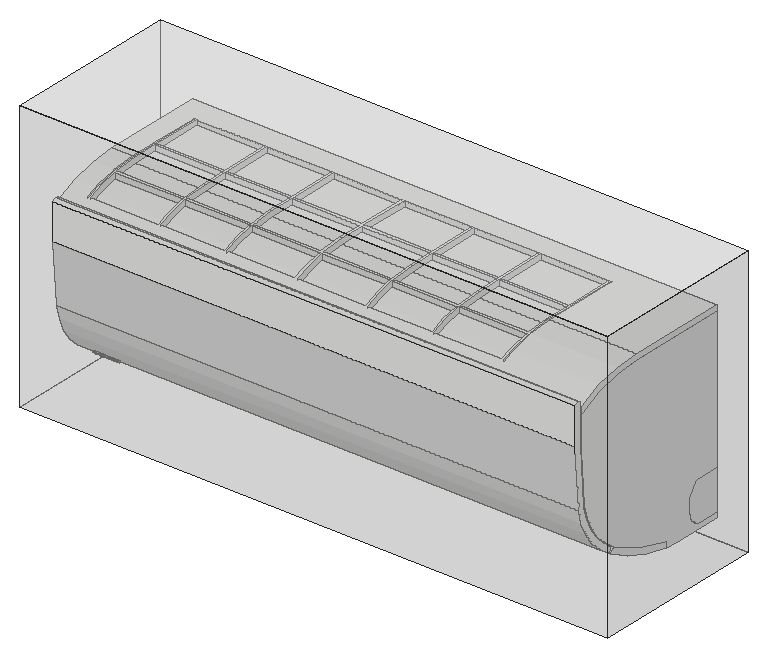
Revit family "outputfile", category 機械設備, Revit 2024
Family settings
  丸型コネクタ寸法 = 半径を使用
  パーツ タイプ = 標準
  OmniClass 番号 = 23.75.10.24.21.27.27
  OmniClass タイトル = Split System Air Conditioning Units
  作業面ベース = いいえ
  常に垂直 = はい
  ロード時にボイドで切り取り = いいえ
  注釈の向きを維持 = いいえ
  共有 = いいえ
  部屋計算ポイント = いいえ
Parameters (values of type "FXAQ25AVM4")
  Description = ""
  製造元 = "Daikin"
  書き出し IFC クラス(タイプ) = "IfcUnitaryEquipmentType"
  定義済み IFC タイプ(タイプ) = "AIRCONDITIONINGUNIT"
  Cost = 0
  モデル = "FXAQ25AVM4"
  Type Comments = ""
  Keynote = ""
  Type Image = (empty or 0)
  Assembly Code = ""
  w3_Indoor air flow = if(Width = 1050.0 mm, 109.0 mm, 1.0 mm)  # 1.0 mm
  w2_Indoor air flow = if(Width = 1050.0 mm, 103.0 mm, 98.0 mm)  # 98.0 mm
  w1_Indoor air flow = if(Width = 1050.0 mm, 108.0 mm, 103.0 mm)  # 103.0 mm
  r_Liquid Pipe Size = Liquid Pipe Size / 2  # 3.2 mm
  r_Gas Pipe Size = Gas Pipe Size / 2  # 6.35 mm
  r_Drain Pipe Size = Drain Pipe Size / 2  # 7.5 mm
  lw_powersupply [instance] = if(Width = 795.0 mm, if(or(Rear Right Connection_refrigerant, Bottom Right Connection_refrigerant), 83.0 mm, if(or(Rear Left Connection_refrigerant, Bottom Left Connection_refrigerant), 740.0 mm, 400.0 mm)), if(Width = 1050.0 mm, if(or(Rear Right Connection_refrigerant, Bottom Right Connection_refrigerant), 83.0 mm, if(or(Rear Left Connection_refrigerant, Bottom Left Connection_refrigerant), 712.0 mm + (1050.0 mm - 795.0 mm), 400.0 mm)), if(or(Rear Right Connection_refrigerant, Bottom Right Connection_refrigerant), 83.0 mm, if(or(Rear Left Connection_refrigerant, Bottom Left Connection_refrigerant), 712.0 mm, 400.0 mm))))  # 400.0 mm
  lw_liquidpipe [instance] = if(Width = 795.0 mm, if(or(Rear Right Connection_refrigerant, Bottom Right Connection_refrigerant), 0.0 mm, if(or(Rear Left Connection_refrigerant, Bottom Left Connection_refrigerant), 627.0 mm, 460.0 mm)), if(Width = 1050.0 mm, if(or(Rear Right Connection_refrigerant, Bottom Right Connection_refrigerant), 0.0 mm, if(or(Rear Left Connection_refrigerant, Bottom Left Connection_refrigerant), 627.0 mm + (1050.0 mm - 795.0 mm), 460.0 mm)), if(or(Rear Right Connection_refrigerant, Bottom Right Connection_refrigerant), 0.0 mm, if(or(Rear Left Connection_refrigerant, Bottom Left Connection_refrigerant), 627.0 mm, 460.0 mm))))  # 460.0 mm
  lw_gaspipe [instance] = if(Width = 795.0 mm, if(or(Rear Right Connection_refrigerant, Bottom Right Connection_refrigerant), 0.0 mm, if(or(Rear Left Connection_refrigerant, Bottom Left Connection_refrigerant), 620.0 mm, 415.0 mm)), if(Width = 1050.0 mm, if(or(Rear Right Connection_refrigerant, Bottom Right Connection_refrigerant), 0.0 mm, if(or(Rear Left Connection_refrigerant, Bottom Left Connection_refrigerant), 620.0 mm + (1050.0 mm - 795.0 mm), 415.0 mm)), if(or(Rear Right Connection_refrigerant, Bottom Right Connection_refrigerant), 0.0 mm, if(or(Rear Left Connection_refrigerant, Bottom Left Connection_refrigerant), 620.0 mm, 415.0 mm))))  # 415.0 mm
  lw_drainpipe [instance] = if(Width = 795.0 mm, if(or(Rear Right Connection_refrigerant, Bottom Right Connection_refrigerant), 0.0 mm, if(or(Rear Left Connection_refrigerant, Bottom Left Connection_refrigerant), 655.0 mm, 475.0 mm)), if(Width = 1050.0 mm, if(or(Rear Right Connection_refrigerant, Bottom Right Connection_refrigerant), 0.0 mm, if(or(Rear Left Connection_refrigerant, Bottom Left Connection_refrigerant), 655.0 mm + (1050.0 mm - 795.0 mm), 475.0 mm)), if(or(Rear Right Connection_refrigerant, Bottom Right Connection_refrigerant), 0.0 mm, if(or(Rear Left Connection_refrigerant, Bottom Left Connection_refrigerant), 655.0 mm, 475.0 mm))))  # 475.0 mm
  l_powersupply_length [instance] = if(Width = 795.0 mm, if(Right Connection_refrigerant, 400.0 mm, if(Left Connection_refrigerant, 395.0 mm, if(or(Rear Left Connection_refrigerant, Rear Right Connection_refrigerant), 15.0 mm, 50.0 mm))), if(Width = 1050.0 mm, if(Right Connection_refrigerant, 400.0 mm, if(Left Connection_refrigerant, 395.0 mm + (1050.0 mm - 795.0 mm), if(or(Rear Left Connection_refrigerant, Rear Right Connection_refrigerant), 15.0 mm, 50.0 mm))), if(Right Connection_refrigerant, 400.0 mm, if(Left Connection_refrigerant, 395.0 mm, if(or(Rear Left Connection_refrigerant, Rear Right Connection_refrigerant), 15.0 mm, 50.0 mm)))))  # 400.0 mm
  l_liquidpipe_length [instance] = if(Width = 795.0 mm, if(Right Connection_refrigerant, 558.0 mm, if(Left Connection_refrigerant, 237.0 mm, if(or(Rear Left Connection_refrigerant, Rear Right Connection_refrigerant), 30.0 mm, 40.0 mm))), if(Width = 1050.0 mm, if(Right Connection_refrigerant, 558.0 mm, if(Left Connection_refrigerant, 237.0 mm + (1050.0 mm - 795.0 mm), if(or(Rear Left Connection_refrigerant, Rear Right Connection_refrigerant), 30.0 mm, 40.0 mm))), if(Right Connection_refrigerant, 558.0 mm, if(Left Connection_refrigerant, 237.0 mm, if(or(Rear Left Connection_refrigerant, Rear Right Connection_refrigerant), 30.0 mm, 40.0 mm)))))  # 558.0 mm
  l_gaspipe_length [instance] = if(Width = 795.0 mm, if(Right Connection_refrigerant, 513.0 mm, if(Left Connection_refrigerant, 282.0 mm, if(or(Rear Left Connection_refrigerant, Rear Right Connection_refrigerant), 40.0 mm, 50.0 mm))), if(Width = 1050.0 mm, if(Right Connection_refrigerant, 513.0 mm, if(Left Connection_refrigerant, 282.0 mm + (1050.0 mm - 795.0 mm), if(or(Rear Left Connection_refrigerant, Rear Right Connection_refrigerant), 40.0 mm, 50.0 mm))), if(Right Connection_refrigerant, 513.0 mm, if(Left Connection_refrigerant, 282.0 mm, if(or(Rear Left Connection_refrigerant, Rear Right Connection_refrigerant), 40.0 mm, 50.0 mm)))))  # 513.0 mm
  l_drainpipe_length [instance] = if(Width = 795.0 mm, if(Right Connection_refrigerant, 573.0 mm, if(Left Connection_refrigerant, 222.0 mm, if(or(Rear Left Connection_refrigerant, Rear Right Connection_refrigerant), 15.0 mm, 20.0 mm))), if(Width = 1050.0 mm, if(Right Connection_refrigerant, 573.0 mm, if(Left Connection_refrigerant, 222.0 mm + (1050.0 mm - 795.0 mm), if(or(Rear Left Connection_refrigerant, Rear Right Connection_refrigerant), 15.0 mm, 20.0 mm))), if(Right Connection_refrigerant, 573.0 mm, if(Left Connection_refrigerant, 477.0 mm, if(or(Rear Left Connection_refrigerant, Rear Right Connection_refrigerant), 15.0 mm, 20.0 mm)))))  # 573.0 mm
  h*** = 0.0 mm  # constant formula
  d1_Indoor air flow = if(Width = 1050.0 mm, 38.0 mm, 35.0 mm)  # 35.0 mm
  angle_vertical [instance] = if(or(Bottom Left Connection_refrigerant, Bottom Right Connection_refrigerant), 0.00°, 90.00°)  # 90.00°
  angle_horizontal [instance] = if(Right Connection_refrigerant, 90.00°, if(Left Connection_refrigerant, -90.00°, if(or(Rear Left Connection_refrigerant, Rear Right Connection_refrigerant), 180.00°, 0.00°)))  # 90.00°
  Width = 795.0 mm
  Voltage_comment_50Hz = "220-240"
  Voltage_50Hz = 230 V
  Version = "ver.1.0"
  Unit Type = "Wall Mounted Type"
  Unit Mass Weight = 12.00 kg
  Unit Designation [instance] = ""
  Uniclass2015Version = "Products v1.30"
  Uniclass2015Title = "Variable refrigerant flow units"
  Uniclass2015Code = "Pr_70_65_03_94"
  URL = ""
  Total Heating Capacity [instance] = 0.000 kW
  Total Cooling Capacity [instance] = 0.000 kW
  Sound Pressure Level_M speed (dBA) = 0
  Sound Pressure Level_L speed (dBA) = 28.5
  Sound Pressure Level_H speed (dBA) = 35
  Sound Power Level_H speed (dB) = 0
  Series = "VRV Fan Coil Unit"
  Sensible Cooling Capacity [instance] = 0.000 kW
  Refrigerant Type = "R410A"
  Power Input (Heating) = 0.040 kW
  Power Input (Cooling) = 0.040 kW
  Phase_50Hz = 1
  Option Accessory 3 [instance] = ""
  Option Accessory 2 [instance] = ""
  Option Accessory 1 [instance] = ""
  Nominal Heating Capacity = 3.200 kW
  Nominal Cooling Capacity = 2.800 kW
  Minimum Circuit Amps_50Hz = 0.6 A
  Minimum Airflow = 420.00 m³/h
  Median Airflow = 0.00 m³/h
  Maximum Fuse Amps_50Hz = 15.0 A
  Maximum Airflow = 564.00 m³/h
  Material_Casing = DAIKIN_White_Casing_indoorunit
  Load Classification = HVAC
  Liquid Pipe Size = 6.4 mm
  Link_Nested Family [instance] = ""
  IfcVersion = "0"
  IfcExportType = "AIRCONDITIONINGUNIT"
  IfcExportAs = "IfcUnitaryEquipmentType"
  Height = 290.0 mm
  Heating Entering Wet Bulb Temperature [instance] = 0.00 °C
  Heating Entering Dry Bulb Temperature [instance] = 0.00 °C
  Heating Ambient Wet Bulb Temperature [instance] = 0.00 °C
  Heating Ambient Dry Bulb Temperature [instance] = 0.00 °C
  Heat Exchanger Type = "Cross Fin Coil"
  Gas Pipe Size = 12.7 mm
  Frequency_50Hz = 50 Hz
  Fan Type = "Cross Flow Fan"
  Fan Drive = "Direct Drive"
  FCU Tag No. [instance] = ""
  Drain Pipe Size = 15.0 mm
  Design Supply Airflow [instance] = 0.00 m³/h
  Depth = 266.0 mm
  既定の高さ = 0.0 mm
  Cooling Entering Wet Bulb Temperature [instance] = 0.00 °C
  Cooling Entering Dry Bulb Temperature [instance] = 0.00 °C
  Cooling Ambient Wet Bulb Temperature [instance] = 0.00 °C
  Cooling Ambient Dry Bulb Temperature [instance] = 0.00 °C
  Clearance visibility [instance] = yes
  Clearance Top = 90.0 mm
  Clearance Right = 50.0 mm
  Clearance Rear = 0.0 mm
  Clearance Left = 50.0 mm
  Clearance Front = 0.0 mm
  Clearance Bottom = 30.0 mm
  Bottom Right Connection_refrigerant [instance] = no
  Bottom Left Connection_refrigerant [instance] = no
  Rear Right Connection_refrigerant [instance] = no
  Rear Left Connection_refrigerant [instance] = no
  Right Connection_refrigerant [instance] = yes
  Left Connection_refrigerant [instance] = no
Reference planes
  plane 1 "Back": y = 0
  plane 2: z = 0
  plane 3 "Center (Left/Right)": x = 0
  plane 4 "Center (Front/Back)": y = -133
  plane 5 "Front": y = -266
  plane 6 "Left": x = -397.5
  plane 7 "Right": x = 397.5
  plane 8 "Top": z = 0
  plane 9 "Bottom": z = -290
  plane 10 "Front panel_Left": x = -395.5
  plane 11 "Front panel_Right": x = 395.5
  plane 12: x = 261.5
  plane 13: x = 256.5
  plane 14: x = -445.5
  plane 15: x = 445.5
  plane 16: y = 0
  plane 17: y = -266
  plane 18: z = 90
  plane 19: z = -320
  plane 20: y = -35
  plane 21: y = -111.5
  plane 22: y = -187.5
  plane 23: y = -237
  plane 24: y = -115
  plane 25: y = -191
  plane 26: x = -50
  plane 27: x = -52
  plane 28: x = -48
  plane 29: x = 55
  plane 30: x = -155
  plane 31: x = -158
  plane 32: x = 58
  plane 33: x = -256
  plane 34: x = 156
  plane 35: x = -259
  plane 36: x = 159
  plane 37: x = -362
  plane 38: x = 262
  plane 39: x = -365
  plane 40: x = 265
  plane 41: x = 266
  plane 42: x = -366
  plane 43 "lw_Piping and Wiring intake": x = 299.5
  plane 44 "lw_gaspipe": x = -115.5
  plane 45 "lw_liquidpipe": x = -160.5
  plane 46 "lw_drainpipe": x = -175.5
  plane 47 "lh_drainpipe": z = -270
  plane 48 "lh_liquidpipe": z = -250
  plane 49 "lh_gaspipe": z = -240
  plane 50 "ld_drainpipe": y = -15
  plane 51 "ld_liquidpipe": y = -30
  plane 52 "ld_gaspipe": y = -40
  plane 53 "lw_powersupply": x = -2.5
Forms (mm)
  Extrusion 1, solid, material "DAIKIN_White_Casing_indoorunit" <- "Material_Casing"
    sketch origin (0, 0, 0) x (0, 1, 0) y (0, 0, 1)
      loop
        line (0, 0) -> (-151.682, 0)
        arc (-151.682, 0) -> (-205.302, -6.828) -> (-255.5, -26.876) r 213.958
        line (-255.5, -26.876) -> (-255.5, -36.08)
        arc (-255.5, -36.08) -> (-205.456, -15.144) -> (-151.682, -8) r 205.958
        line (-151.682, -8) -> (0, -8) -> (0, 0)
    from -397.5 to 397.5
  Extrusion 2, solid, material "DAIKIN_White_Casing_indoorunit" <- "Material_Casing"
    sketch origin (0, 0, 0) x (0, 1, 0) y (0, 0, 1)
      loop
        arc (-151.682, -8) -> (-205.456, -15.144) -> (-255.5, -36.08) r 205.958
        line (-255.5, -36.08) -> (-255.5, -86.08)
        arc (-255.5, -86.08) -> (-253.87, -125.667) -> (-248.99, -164.986) r 481.435
        arc (-248.99, -164.986) -> (-230.945, -209.78) -> (-195.65, -242.741) r 111.486
        arc (-195.65, -242.741) -> (-147.09, -265.96) -> (-95.247, -280.433) r 310.126
        line (-95.247, -280.433) -> (-95.247, -288.232)
        arc (-95.247, -288.232) -> (-84.534, -289.557) -> (-73.748, -290) r 131.592
        line (-73.748, -290) -> (0, -290) -> (0, -8) -> (-151.682, -8)
    from -397.5 to 397.5
  Extrusion 3, solid, material "DAIKIN_White_Casing_indoorunit" <- "Material_Casing"
    sketch origin (397.5, 1296.25, 1200) x (0, 1, 0) y (0, 0, 1)
      loop
        line (-1491.901, -1442.741) -> (-1496.494, -1450.482)
        arc (-1496.494, -1450.482) -> (-1447.058, -1474.911) -> (-1393.497, -1488.023) r 252.452
        line (-1393.497, -1488.023) -> (-1393.497, -1480.051)
        arc (-1393.497, -1480.051) -> (-1444.293, -1465.6) -> (-1491.901, -1442.741) r 310.126
    from 0 to -40.5
  Extrusion 4, solid, material "DAIKIN_White_Casing_indoorunit" <- "Material_Casing"
    sketch origin (0, 0, 0) x (0, 1, 0) y (0, 0, 1)
      loop
        line (-257, -76.896) -> (-257, -19.457) -> (-258.688, -19.457)
        arc (-258.688, -19.457) -> (-262.551, -20.17) -> (-266, -22.048) r 12.48
        line (-266, -22.048) -> (-266, -76.896) -> (-257, -76.896)
    from -395.5 to 395.5
  Extrusion 5, solid, material "DAIKIN_White_Casing_indoorunit" <- "Material_Casing"
    sketch origin (0, 0, 0) x (0, 1, 0) y (0, 0, 1)
      loop
        arc (-266, -76.896) -> (-264.342, -121.828) -> (-259.378, -166.517) r 609.735
        line (-259.378, -166.517) -> (-250.471, -165.192)
        arc (-250.471, -165.192) -> (-255.366, -121.165) -> (-257, -76.896) r 600.314
        line (-257, -76.896) -> (-266, -76.896)
    from -395.5 to 395.5
  Extrusion 6, solid, material "DAIKIN_White_Casing_indoorunit" <- "Material_Casing"
    sketch origin (0, 0, 0) x (0, 1, 0) y (0, 0, 1)
      loop
        arc (-259.378, -166.517) -> (-240.331, -214.672) -> (-201.947, -249.433) r 114
        line (-201.947, -249.433) -> (-197.324, -241.643)
        arc (-197.324, -241.643) -> (-232.845, -209.638) -> (-250.471, -165.192) r 104.894
        line (-250.471, -165.192) -> (-259.378, -166.517)
    from -395.5 to 395.5
  Extrusion 7, solid, material "DAIKIN_White_Casing_indoorunit" <- "Material_Casing"
    sketch origin (-397.5, 1296.25, 1200) x (0, 1, 0) y (0, 0, 1)
      loop
        arc (-1496.494, -1450.482) -> (-1447.058, -1474.911) -> (-1393.497, -1488.023) r 252.452
        line (-1393.497, -1488.023) -> (-1393.497, -1480.051)
        arc (-1393.497, -1480.051) -> (-1444.293, -1465.6) -> (-1491.901, -1442.741) r 310.126
        line (-1491.901, -1442.741) -> (-1496.494, -1450.482)
    from 0 to 40.5
  Extrusion 8, solid, material "DAIKIN_White_Casing_indoorunit" <- "Material_Casing"
    sketch origin (0, 0, 0) x (0, 1, 0) y (0, 0, 1)
      loop
        arc (-133.049, -280.649) -> (-115.282, -284.985) -> (-97.247, -288.023) r 252.452
        line (-97.247, -288.023) -> (-97.247, -280.051)
        arc (-97.247, -280.051) -> (-113.907, -276.335) -> (-130.338, -271.708) r 310.126
        line (-130.338, -271.708) -> (-133.049, -280.649)
    from -357 to 357
  Extrusion 9, solid, material "DAIKIN_White_Casing_indoorunit" <- "Material_Casing"
    sketch origin (261.5, -1524, 1789.769) x (0, 0, 1) y (0, -1, 0)
      loop
        line (-2032.51, -1328.35) -> (-2040.251, -1323.756)
        arc (-2040.251, -1323.756) -> (-2050.358, -1341.058) -> (-2059.061, -1359.107) r 252.452
        line (-2059.061, -1359.107) -> (-2050.603, -1364.126)
        arc (-2050.603, -1364.126) -> (-2042.135, -1345.945) -> (-2032.51, -1328.35) r 310.126
    from 0 to 95.5
  Extrusion 10, solid, material "DAIKIN_White_Casing_indoorunit" <- "Material_Casing"
    sketch origin (261.5, -1524, 1789.769) x (0, 0, 1) y (0, -1, 0)
      loop
        arc (-2059.061, -1359.107) -> (-2065.273, -1374.839) -> (-2070.418, -1390.951) r 252.452
        line (-2070.418, -1390.951) -> (-2061.477, -1393.662)
        arc (-2061.477, -1393.662) -> (-2056.415, -1378.756) -> (-2050.603, -1364.126) r 310.126
        line (-2050.603, -1364.126) -> (-2059.061, -1359.107)
    from 0 to 95.5
  Extrusion 11, solid, material "DAIKIN_White_Casing_indoorunit" <- "Material_Casing"
    sketch origin (256.5, -1524, 1089.438) x (0, 0, 1) y (0, -1, 0)
      loop
        arc (-1350.272, -1364.126) -> (-1341.805, -1345.945) -> (-1332.179, -1328.35) r 310.126
        line (-1332.179, -1328.35) -> (-1339.92, -1323.756)
        arc (-1339.92, -1323.756) -> (-1350.027, -1341.058) -> (-1358.73, -1359.107) r 252.452
        line (-1358.73, -1359.107) -> (-1350.272, -1364.126)
    from 0 to -613.5
  Extrusion 12, solid, material "DAIKIN_White_Casing_indoorunit" <- "Material_Casing"
    sketch origin (256.5, -1524, 1089.438) x (0, 0, 1) y (0, -1, 0)
      loop
        arc (-1361.147, -1393.662) -> (-1356.085, -1378.756) -> (-1350.272, -1364.126) r 310.126
        line (-1350.272, -1364.126) -> (-1358.73, -1359.107)
        arc (-1358.73, -1359.107) -> (-1364.943, -1374.839) -> (-1370.087, -1390.951) r 252.452
        line (-1370.087, -1390.951) -> (-1361.147, -1393.662)
    from 0 to -613.5
  Extrusion 13, void
    sketch origin (0, 0, 0) x (-1, 0, 0) y (0, -1, 0)
      loop
        line (48, 35) -> (48, 111.5) -> (-55, 111.5) -> (-55, 35) -> (48, 35)
      loop
        line (-58, 35) -> (-58, 111.5) -> (-156, 111.5) -> (-156, 35) -> (-58, 35)
      loop
        line (-159, 35) -> (-159, 111.5) -> (-262, 111.5) -> (-262, 35) -> (-159, 35)
      loop
        line (-265, 35) -> (-265, 111.5) -> (-266, 111.5) -> (-266, 35) -> (-265, 35)
      loop
        line (155, 35) -> (155, 111.5) -> (52, 111.5) -> (52, 35) -> (155, 35)
      loop
        line (-265, 115) -> (-265, 187.5) -> (-266, 187.5) -> (-266, 115) -> (-265, 115)
      loop
        line (-265, 191) -> (-265, 237) -> (-266, 237) -> (-266, 191) -> (-265, 191)
      loop
        line (-159, 237) -> (-262, 237) -> (-262, 191) -> (-159, 191) -> (-159, 237)
      loop
        line (-58, 237) -> (-156, 237) -> (-156, 191) -> (-58, 191) -> (-58, 237)
      loop
        line (-55, 191) -> (48, 191) -> (48, 237) -> (-55, 237) -> (-55, 191)
      loop
        line (155, 237) -> (52, 237) -> (52, 191) -> (155, 191) -> (155, 237)
      loop
        line (256, 237) -> (158, 237) -> (158, 191) -> (256, 191) -> (256, 237)
      loop
        line (362, 237) -> (259, 237) -> (259, 191) -> (362, 191) -> (362, 237)
      loop
        line (158, 35) -> (256, 35) -> (256, 111.5) -> (158, 111.5) -> (158, 35)
      loop
        line (259, 35) -> (362, 35) -> (362, 111.5) -> (259, 111.5) -> (259, 35)
      loop
        line (362, 115) -> (362, 187.5) -> (259, 187.5) -> (259, 115) -> (362, 115)
      loop
        line (256, 115) -> (256, 187.5) -> (158, 187.5) -> (158, 115) -> (256, 115)
      loop
        line (155, 115) -> (155, 187.5) -> (52, 187.5) -> (52, 115) -> (155, 115)
      loop
        line (48, 115) -> (48, 187.5) -> (-55, 187.5) -> (-55, 115) -> (48, 115)
      loop
        line (-58, 115) -> (-58, 187.5) -> (-156, 187.5) -> (-156, 115) -> (-58, 115)
      loop
        line (-159, 115) -> (-159, 187.5) -> (-262, 187.5) -> (-262, 115) -> (-159, 115)
      loop
        line (365, 35) -> (366, 35) -> (366, 111.5) -> (365, 111.5) -> (365, 35)
      loop
        line (366, 115) -> (366, 187.5) -> (365, 187.5) -> (365, 115) -> (366, 115)
      loop
        line (366, 237) -> (365, 237) -> (365, 191) -> (366, 191) -> (366, 237)
    from 2 to -30
  Extrusion 14, solid, material "DAIKIN_White_Casing_indoorunit" <- "Material_Casing"
    sketch origin (0, 0, 0) x (1, 0, 0) y (0, 0, 1)
      loop
        circle (299.5, -246) r 40
      loop
        circle (-337.5, -246) r 40
    from 0 to 5
  Extrusion 15, solid, material "DAIKIN_White_Casing_indoorunit" <- "Material_Casing"
    sketch origin (397.5, 1296.25, 1200) x (0, -1, 0) y (0, 0, 1)
      loop
        line (1326.25, -1422) -> (1296.25, -1422) -> (1296.25, -1482) -> (1326.25, -1482)
        arc (1326.25, -1482) -> (1340.393, -1476.142) -> (1346.25, -1462) r 20
        line (1346.25, -1462) -> (1346.25, -1442)
        arc (1346.25, -1442) -> (1340.393, -1427.858) -> (1326.25, -1422) r 20
    from 0 to 5
  Extrusion 16, solid, material "DAIKIN_White_Casing_indoorunit" <- "Material_Casing"
    sketch origin (-397.5, 1296.25, 1200) x (0, 1, 0) y (0, 0, 1)
      loop
        line (-1296.25, -1422) -> (-1326.25, -1422)
        arc (-1326.25, -1422) -> (-1340.393, -1427.858) -> (-1346.25, -1442) r 20
        line (-1346.25, -1442) -> (-1346.25, -1462)
        arc (-1346.25, -1462) -> (-1340.393, -1476.142) -> (-1326.25, -1482) r 20
        line (-1326.25, -1482) -> (-1296.25, -1482) -> (-1296.25, -1422)
    from 0 to 5
  Extrusion 17, solid, material "DAIKIN_White_Casing_indoorunit" <- "Material_Casing"
    sketch origin (0, 0, -290) x (-1, 0, 0) y (0, -1, 0)
      loop
        line (-269.5, 0) -> (-269.5, 30)
        arc (-269.5, 30) -> (-275.358, 44.142) -> (-289.5, 50) r 20
        line (-289.5, 50) -> (-309.5, 50)
        arc (-309.5, 50) -> (-323.642, 44.142) -> (-329.5, 30) r 20
        line (-329.5, 30) -> (-329.5, 0) -> (-269.5, 0)
      loop
        line (367.5, 0) -> (367.5, 30)
        arc (367.5, 30) -> (361.642, 44.142) -> (347.5, 50) r 20
        line (347.5, 50) -> (327.5, 50)
        arc (327.5, 50) -> (313.358, 44.142) -> (307.5, 30) r 20
        line (307.5, 30) -> (307.5, 0) -> (367.5, 0)
    from 0 to 5
Cuts and joins
  joined: Extrusion 4, Extrusion 5, Extrusion 6
  joined: Extrusion 3, Extrusion 7, Extrusion 8
  Extrusion 13 cuts Extrusion 1
Lines and regions (mm)
  reference lines
    curve 1: line (-395.5, -227.394, -229.966) -> (-395.5, -220.117, -236.824)
Dimensions and locks
  equal spacing: plane 6 "Left", plane 3 "Center (Left/Right)", plane 7 "Right"
  "Width": plane 6 "Left" to plane 7 "Right"
  equal spacing: plane 5 "Front", plane 4 "Center (Front/Back)", plane 1 "Back"
  "Depth": plane 5 "Front" to plane 1 "Back"
  "Height": plane 8 "Top" to plane 9 "Bottom"
  locked: Extrusion 1 sketch curve to Extrusion 1 sketch curve at 8
  locked: Extrusion 2 sketch curve to plane 1 "Back" at 73.748
  locked: Extrusion 3 sketch curve to plane 1 "Back" at 97.247
  locked: Extrusion 4 sketch curve to Extrusion 4 sketch curve at 9
  locked: plane 8 "Top" to Extrusion 4 sketch curve at 19.457
  locked: plane 5 "Front" to Extrusion 6 sketch curve at 6.622
  locked: plane 5 "Front" to Extrusion 6 sketch curve at 15.529
  locked: plane 10 "Front panel_Left" to plane 6 "Left" at 2
  locked: plane 7 "Right" to plane 11 "Front panel_Right" at 2
  locked: cut or joined group of Extrusion 3, Extrusion 7, Extrusion 8 to Extrusion 9 sketch curve at 40
  locked: plane 7 "Right" to plane 12 at 136
  locked: plane 12 to plane 13 at 5
  "Clearance Left": plane 14 to plane 10 "Front panel_Left"
  "Clearance Right": plane 11 "Front panel_Right" to plane 15
  "Clearance Rear": plane 16 to plane 1 "Back"
  "Clearance Front": plane 17 to plane 5 "Front"
  "Clearance Top": plane 18 to plane 8 "Top"
  "Clearance Bottom": plane 9 "Bottom" to plane 19
  locked: nested 2 to plane 10 "Front panel_Left" at 50
  "d1_Indoor air flow": plane 20 to plane 1 "Back"
  locked: plane 20 to plane 21 at 76.5
  locked: plane 21 to plane 24 at 3.5
  locked: plane 24 to plane 22 at 72.5
  locked: plane 22 to plane 25 at 3.5
  locked: plane 25 to plane 23 at 46
  locked: plane 26 to plane 3 "Center (Left/Right)" at 50
  equal spacing: plane 27, plane 26, plane 28
  locked: plane 27 to plane 28 at 4
  "w1_Indoor air flow": plane 28 to plane 29
  "w1_Indoor air flow": plane 30 to plane 27
  locked: plane 31 to plane 30 at 3
  locked: plane 29 to plane 32 at 3
  "w2_Indoor air flow": plane 33 to plane 31
  "w2_Indoor air flow": plane 32 to plane 34
  locked: plane 35 to plane 33 at 3
  locked: plane 34 to plane 36 at 3
  locked: plane 37 to plane 35 at 103
  locked: plane 36 to plane 38 at 103
  locked: plane 39 to plane 37 at 3
  locked: plane 38 to plane 40 at 3
  "w3_Indoor air flow": plane 40 to plane 41
  "w3_Indoor air flow": plane 42 to plane 39
  locked: plane 9 "Bottom" to Extrusion 14 sketch curve at 44  (x2)
  locked: Extrusion 14 sketch curve to plane 6 "Left" at 60
  locked: plane 7 "Right" to Extrusion 14 sketch curve at 98
  locked: plane 43 "lw_Piping and Wiring intake" to plane 7 "Right" at 98
  "lw_gaspipe": plane 44 "lw_gaspipe" to plane 43 "lw_Piping and Wiring intake"
  "lw_liquidpipe": plane 45 "lw_liquidpipe" to plane 43 "lw_Piping and Wiring intake"
  "lw_drainpipe": plane 46 "lw_drainpipe" to plane 43 "lw_Piping and Wiring intake"
  locked: plane 47 "lh_drainpipe" to plane 9 "Bottom" at 20
  locked: plane 48 "lh_liquidpipe" to plane 9 "Bottom" at 40
  locked: plane 49 "lh_gaspipe" to plane 9 "Bottom" at 50
  locked: plane 50 "ld_drainpipe" to plane 1 "Back" at 15
  locked: plane 1 "Back" to plane 51 "ld_liquidpipe" at 30
  locked: plane 1 "Back" to plane 52 "ld_gaspipe" at 40
  Extrusion 15 sketch curve to Extrusion 15 sketch curve to plane 9 "Bottom" = 60.0 mm locked, 8.0 mm locked
  locked: Extrusion 15 sketch curve to Extrusion 15 sketch curve at 50
  locked: Extrusion 17 sketch curve to Extrusion 17 sketch curve at 60  (x2)
  locked: Extrusion 17 sketch curve to Extrusion 17 sketch curve at 50
  locked: Extrusion 17 sketch curve to plane 43 "lw_Piping and Wiring intake" at 30
  locked: plane 6 "Left" to Extrusion 17 sketch curve at 30
  "lw_powersupply": plane 53 "lw_powersupply" to plane 7 "Right"
  radius of Extrusion 5 sketch curve = 609.735 mm
  radius of Extrusion 5 sketch curve = 600.314 mm
  aligned and locked: level to plane 2
  aligned and locked: plane 8 "Top" to Extrusion 1 sketch curve
  aligned and locked: plane 1 "Back" to Extrusion 1 sketch curve
  aligned and locked: Extrusion 1 to plane 6 "Left"
  aligned and locked: plane 7 "Right" to Extrusion 1
  aligned and locked: Extrusion 2 sketch curve to Extrusion 1
  aligned and locked: Extrusion 1 to Extrusion 2 sketch curve
  aligned and locked: plane 1 "Back" to Extrusion 2 sketch curve
  aligned and locked: Extrusion 2 sketch curve to plane 9 "Bottom"
  aligned and locked: Extrusion 2 to plane 6 "Left"
  aligned and locked: plane 7 "Right" to Extrusion 2
  aligned and locked: Extrusion 3 sketch curve to Extrusion 2
  aligned and locked: plane 5 "Front" to Extrusion 4 sketch curve
  aligned and locked: Extrusion 5 sketch curve to Extrusion 4
  aligned and locked: Extrusion 6 sketch curve to Extrusion 5
  aligned and locked: cut or joined group of Extrusion 4, Extrusion 5, Extrusion 6 to plane 11 "Front panel_Right"  (x3)
  aligned and locked: plane 10 "Front panel_Left" to cut or joined group of Extrusion 4, Extrusion 5, Extrusion 6  (x3)
  aligned and locked: Extrusion 7 sketch curve to Extrusion 3  (x4)
  aligned and locked: Extrusion 8 sketch curve to Extrusion 3  (x3)
  aligned and locked: Extrusion 8 to Extrusion 3
  aligned and locked: Extrusion 8 to Extrusion 7
  aligned and locked: Extrusion 9 sketch curve to cut or joined group of Extrusion 3, Extrusion 7, Extrusion 8  (x3)
  aligned and locked: Extrusion 10 sketch curve to cut or joined group of Extrusion 3, Extrusion 7, Extrusion 8  (x3)
  aligned and locked: Extrusion 10 sketch curve to Extrusion 9
  aligned and locked: Extrusion 9 to cut or joined group of Extrusion 3, Extrusion 7, Extrusion 8
  aligned and locked: Extrusion 10 to cut or joined group of Extrusion 3, Extrusion 7, Extrusion 8
  aligned and locked: Extrusion 11 sketch curve to Extrusion 9  (x4)
  aligned and locked: Extrusion 11 to cut or joined group of Extrusion 3, Extrusion 7, Extrusion 8
  aligned and locked: Extrusion 12 sketch curve to Extrusion 10  (x4)
  aligned and locked: Extrusion 12 to cut or joined group of Extrusion 3, Extrusion 7, Extrusion 8
  aligned and locked: plane 16 to nested 1
  aligned and locked: nested 1 to plane 17
  aligned and locked: plane 14 to nested 1
  aligned and locked: plane 15 to nested 1
  aligned and locked: plane 19 to nested 1
  aligned and locked: plane 18 to nested 1
  aligned and locked: nested 2 to curve 1
  aligned and locked: Extrusion 13 sketch curve to plane 20  (x5)
  aligned and locked: plane 28 to Extrusion 13 sketch curve  (x2)
  aligned and locked: plane 21 to Extrusion 13 sketch curve  (x5)
  aligned and locked: Extrusion 13 sketch curve to plane 29  (x2)
  aligned and locked: plane 32 to Extrusion 13 sketch curve  (x2)
  aligned and locked: Extrusion 13 sketch curve to plane 34  (x2)
  aligned and locked: plane 36 to Extrusion 13 sketch curve  (x2)
  aligned and locked: Extrusion 13 sketch curve to plane 38  (x2)
  aligned and locked: plane 40 to Extrusion 13 sketch curve  (x3)
  aligned and locked: Extrusion 13 sketch curve to plane 41  (x3)
  aligned and locked: plane 30 to Extrusion 13 sketch curve  (x2)
  aligned and locked: Extrusion 13 sketch curve to plane 27  (x2)
  aligned and locked: Extrusion 13 sketch curve to plane 24  (x8)
  aligned and locked: plane 22 to Extrusion 13 sketch curve  (x8)
  aligned and locked: Extrusion 13 sketch curve to plane 25
  aligned and locked: plane 23 to Extrusion 13 sketch curve
  aligned and locked: Extrusion 13 sketch curve to plane 23  (x7)
  aligned and locked: Extrusion 13 sketch curve to plane 36
  aligned and locked: plane 25 to Extrusion 13 sketch curve  (x7)
  aligned and locked: plane 38 to Extrusion 13 sketch curve
  aligned and locked: Extrusion 13 sketch curve to plane 32
  aligned and locked: plane 34 to Extrusion 13 sketch curve
  aligned and locked: plane 29 to Extrusion 13 sketch curve
  aligned and locked: Extrusion 13 sketch curve to plane 28
  aligned and locked: Extrusion 13 sketch curve to plane 30
  aligned and locked: plane 27 to Extrusion 13 sketch curve
  aligned and locked: Extrusion 13 sketch curve to plane 33  (x2)
  aligned and locked: plane 31 to Extrusion 13 sketch curve  (x2)
  aligned and locked: Extrusion 13 sketch curve to plane 37  (x2)
  aligned and locked: plane 35 to Extrusion 13 sketch curve  (x2)
  aligned and locked: plane 20 to Extrusion 13 sketch curve  (x3)
  aligned and locked: Extrusion 13 sketch curve to plane 21  (x3)
  aligned and locked: plane 37 to Extrusion 13 sketch curve
  aligned and locked: Extrusion 13 sketch curve to plane 35
  aligned and locked: plane 33 to Extrusion 13 sketch curve
  aligned and locked: Extrusion 13 sketch curve to plane 31
  aligned and locked: plane 39 to Extrusion 13 sketch curve  (x2)
  aligned and locked: Extrusion 13 sketch curve to plane 42  (x2)
  aligned and locked: plane 42 to Extrusion 13 sketch curve
  aligned and locked: Extrusion 13 sketch curve to plane 39
  aligned and locked: plane 1 "Back" to Extrusion 15 sketch curve
  aligned and locked: Extrusion 16 sketch curve to Extrusion 15  (x4)
  aligned and locked: Extrusion 17 sketch curve to Extrusion 17 sketch curve  (x2)
  aligned and locked: plane 1 "Back" to Extrusion 17 sketch curve
  aligned and locked: plane 44 "lw_gaspipe" to nested 3
  aligned and locked: nested 3 to plane 52 "ld_gaspipe"
  aligned and locked: plane 45 "lw_liquidpipe" to nested 4
  aligned and locked: nested 4 to plane 51 "ld_liquidpipe"
  aligned and locked: plane 46 "lw_drainpipe" to nested 5
  aligned and locked: nested 5 to plane 50 "ld_drainpipe"
  aligned and locked: nested 6 to plane 50 "ld_drainpipe"
  aligned and locked: plane 53 "lw_powersupply" to nested 6
  aligned and locked: level to plane 8 "Top"
Automatic sketch dimensions
  Extrusion 1 sketch curve to plane 8 "Top" = 0.0 mm
  Extrusion 1 sketch curve to plane 4 "Center (Front/Back)" = 18.682 mm
  Extrusion 1 sketch curve to Extrusion 1 sketch curve = 9.205 mm
  Extrusion 1 sketch curve to Extrusion 1 sketch curve = 0.0 mm  (x3)
  Extrusion 1 sketch curve to plane 5 "Front" = 10.5 mm
  Extrusion 2 sketch curve to plane 4 "Center (Front/Back)" = 6.011 mm
  plane 9 "Bottom" to Extrusion 2 sketch curve = 9.567 mm
  Extrusion 2 sketch curve to Extrusion 2 sketch curve = 21.499 mm
  plane 1 "Back" to Extrusion 2 sketch curve = 38.095 mm
  Extrusion 2 sketch curve to plane 8 "Top" = 86.08 mm
  Extrusion 2 sketch curve to Extrusion 2 sketch curve = 7.799 mm
  Extrusion 2 sketch curve to Extrusion 2 sketch curve = 11.695 mm
  plane 8 "Top" to Extrusion 2 sketch curve = 24.382 mm
  Extrusion 2 sketch curve to Extrusion 2 sketch curve = 0.0 mm  (x2)
  Extrusion 4 sketch curve to Extrusion 4 sketch curve = 1.688 mm
  Extrusion 4 sketch curve to plane 5 "Front" = 7.618 mm
  Extrusion 4 sketch curve to Extrusion 4 sketch curve = 12.476 mm
  Extrusion 4 sketch curve to Extrusion 4 sketch curve = 44.963 mm
  Extrusion 5 sketch curve to Extrusion 5 sketch curve = 0.421 mm
  Extrusion 5 sketch curve to plane 5 "Front" = 6.622 mm
  Extrusion 5 sketch curve to Extrusion 5 sketch curve = 8.907 mm
  Extrusion 5 sketch curve to plane 5 "Front" = 0.0 mm
  plane 9 "Bottom" to Extrusion 6 sketch curve = 40.567 mm
  Extrusion 6 sketch curve to Extrusion 6 sketch curve = 4.622 mm
  Extrusion 6 sketch curve to Extrusion 6 sketch curve = 0.102 mm
  Extrusion 6 sketch curve to Extrusion 6 sketch curve = 0.003 mm
  Extrusion 6 sketch curve to Extrusion 6 sketch curve = 48.524 mm
  Extrusion 6 sketch curve to Extrusion 6 sketch curve = 50.607 mm
  plane 9 "Bottom" to Extrusion 3 sketch curve = 47.259 mm
  Extrusion 3 sketch curve to Extrusion 3 sketch curve = 4.593 mm
  plane 1 "Back" to Extrusion 3 sketch curve = 64.356 mm
  plane 9 "Bottom" to Extrusion 3 sketch curve = 1.977 mm
  Extrusion 3 sketch curve to Extrusion 3 sketch curve = 7.741 mm
  plane 4 "Center (Front/Back)" to Extrusion 8 sketch curve = 2.662 mm
  Extrusion 8 sketch curve to plane 4 "Center (Front/Back)" = 0.049 mm
  plane 9 "Bottom" to curve 1 = 53.176 mm
  curve 1 to plane 5 "Front" = 45.883 mm
  curve 1 to curve 1 = 6.859 mm
  curve 1 to curve 1 = 7.277 mm
  Extrusion 15 sketch curve to plane 51 "ld_liquidpipe" = 0.0 mm  (x2)
  Extrusion 17 sketch curve to plane 51 "ld_liquidpipe" = 0.0 mm  (x4)
  radius of Extrusion 14 sketch curve = 40.0 mm  (x2)
Nested families
  nested 1: "daikin_clearancespace" at (0, -133, -114.881), show <- "Clearance visibility", visible <- "Clearance visibility", Link_Nested Family <- "Link_Nested Family", type "daikin_clearancespace"
    with width 891.0 mm, show yes, height 410.0 mm, depth 266.0 mm, Link_Nested Family ""
  nested 2: "daikin_logo_plane_w40" at (-345.5, -227.722, -229.657) x (1, 0, 0) z (0, -0.6859, -0.7277), type "daikin_logo_plane_w40"
    with show_logo yes
  nested 3: "daikin_connector_rotate3" at (-115.5, -40, -240), angle_vertical <- "angle_vertical", angle_horizontal <- "angle_horizontal", length <- "l_gaspipe_length", radius <- "r_Gas Pipe Size", type "daikin_connector_rotate3"
    with show no, radius 6.35 mm, length 513.0 mm, angle_vertical 90.00°, angle_horizontal 90.00°
  nested 4: "daikin_connector_rotate3" at (-160.5, -30, -250), angle_vertical <- "angle_vertical", angle_horizontal <- "angle_horizontal", radius <- "r_Liquid Pipe Size", length <- "l_liquidpipe_length", type "daikin_connector_rotate3"
    with show no, radius 3.2 mm, length 558.0 mm, angle_vertical 90.00°, angle_horizontal 90.00°
  nested 5: "daikin_connector_rotate3" at (-175.5, -15, -270), angle_vertical <- "angle_vertical", angle_horizontal <- "angle_horizontal", length <- "l_drainpipe_length", radius <- "r_Drain Pipe Size", type "daikin_connector_rotate3"
    with show no, radius 7.5 mm, length 573.0 mm, angle_vertical 90.00°, angle_horizontal 90.00°
  nested 6: "daikin_connector_rotate3" at (-2.5, -15, -240), angle_vertical <- "angle_vertical", angle_horizontal <- "angle_horizontal", length <- "l_powersupply_length", type "daikin_connector_rotate3"
    with show no, radius 10.0 mm, length 400.0 mm, angle_vertical 90.00°, angle_horizontal 90.00°
Connectors
  piping at (397.5, -40, -240), diameter 12.7, driven by "r_Gas Pipe Size"
    settings: on nested 3, index 1, connector inside diameter 609.6 mm, connector length 0.0 mm, flow factor 0, pipe flow 0.00 m³/h, pressure drop 0.0 Pa, fitting loss kfactor 0, connector angle 0.00°, fixture units 0, engagement length 0.0 mm, angle of deflection 0.00°, flow configuration 1, flow direction 2, fitting loss method 0, system type 29, joint type 0, gender type 0, connector reference index -1, connector utility 0, adjustable connector no, is connector primary yes, connector description "Refrigerant Gas Piping"
  piping at (397.5, -30, -250), diameter 6.4, driven by "r_Liquid Pipe Size"
    settings: on nested 4, index 2, connector inside diameter 609.6 mm, connector length 0.0 mm, flow factor 0, pipe flow 0.00 m³/h, pressure drop 0.0 Pa, fitting loss kfactor 0, connector angle 0.00°, fixture units 0, engagement length 0.0 mm, angle of deflection 0.00°, flow configuration 1, flow direction 1, fitting loss method 0, system type 29, joint type 0, gender type 0, connector reference index -1, connector utility 0, adjustable connector no, is connector primary no, connector description "Refrigerant Liquid Piping"
  piping at (397.5, -15, -270), diameter 15, driven by "r_Drain Pipe Size"
    settings: on nested 5, index 3, connector inside diameter 609.6 mm, connector length 0.0 mm, flow factor 0, pipe flow 0.00 m³/h, pressure drop 0.0 Pa, fitting loss kfactor 0, connector angle 0.00°, fixture units 0, engagement length 0.0 mm, angle of deflection 0.00°, flow configuration 1, flow direction 2, fitting loss method 4, system type 16, joint type 0, gender type 0, connector reference index -1, connector utility 0, adjustable connector no, is connector primary no, connector description "Condensate Drain Piping"
  electrical at (397.5, -15, -240), driven by "Load Classification"
    settings: on nested 6, index 4, voltage 0 V, apparent load 0 VA, apparent load phase1 0 VA, apparent load phase2 0 VA, apparent load phase3 0 VA, power factor 1, load classification "HVAC", number of poles 1, system type 30, power factor state 1, is connector primary yes, connector utility no, sub classification motor no, connector description "Power Supply"
Definition of nested family "daikin_clearancespace"
  Parameters (values of type "daikin_clearancespace")
    Description = "daikin_clearancespace"
    width [instance] = 1823.963 mm
    show [instance] = yes
    material = none
    height [instance] = 1359.762 mm
    depth [instance] = 880.0 mm
    Default Elevation = 0.0 mm
    Link_Nested Family [instance] = ""
  Reference planes
    plane 1 "Center (Front/Back)": y = 0
    plane 2 "Center (Elevation)": z = -0.119
    plane 3 "Center (Left/Right)": x = 0
    plane 4: y = 440
    plane 5: y = -440
    plane 6 "Right": x = 911.982
    plane 7 "Left": x = -911.982
    plane 8 "Top": z = 679.762
    plane 9 "Bottom": z = -680
  Forms (mm)
    Extrusion 1, solid, material <- "material", visible <- "show"
      sketch origin (0, 0, 0) x (1, 0, 0) y (0, 1, 0)
        loop
          line (-911.982, 440) -> (-911.982, -440) -> (911.982, -440) -> (911.982, 440) -> (-911.982, 440)
      from -680 to 679.762
  Lines and regions (mm)
    symbolic lines, visible <- "show"
      curve 1: line (911.982, 440, 0) -> (-911.982, 440, 0)
      curve 2: line (-911.982, 440, 0) -> (-911.982, -440, 0)
      curve 3: line (-911.982, -440, 0) -> (911.982, -440, 0)
      curve 4: line (911.982, -440, 0) -> (911.982, 440, 0)
      curve 5: line (911.982, 0, 679.762) -> (-911.982, 0, 679.762)
      curve 6: line (911.982, 0, -680) -> (911.982, 0, 679.762)
      curve 7: line (-911.982, 0, -680) -> (911.982, 0, -680)
      curve 8: line (-911.982, 0, 679.762) -> (-911.982, 0, -680)
      curve 9: line (0, 440, 679.762) -> (0, -440, 679.762)
      curve 10: line (0, -440, 679.762) -> (0, -440, -680)
      curve 11: line (0, 440, -680) -> (0, 440, 679.762)
      curve 12: line (0, -440, -680) -> (0, 440, -680)
  Dimensions and locks
    "width": plane 7 "Left" to plane 6 "Right"
    "depth": plane 4 to plane 5
    "height": plane 8 "Top" to plane 9 "Bottom"
    equal spacing: plane 7 "Left", plane 3 "Center (Left/Right)", plane 6 "Right"
    equal spacing: plane 4, plane 1 "Center (Front/Back)", plane 5
    equal spacing: plane 8 "Top", plane 2 "Center (Elevation)", plane 9 "Bottom"
    aligned and locked: level to plane 2 "Center (Elevation)"
    aligned and locked: Extrusion 1 sketch curve to plane 4
    aligned and locked: plane 7 "Left" to Extrusion 1 sketch curve
    aligned and locked: Extrusion 1 sketch curve to plane 5
    aligned and locked: Extrusion 1 sketch curve to plane 6 "Right"
    aligned and locked: plane 8 "Top" to Extrusion 1
    aligned and locked: curve 1 to Extrusion 1
    aligned and locked: curve 2 to Extrusion 1
    aligned and locked: curve 3 to Extrusion 1
    aligned and locked: curve 4 to Extrusion 1
    aligned and locked: curve 5 to Extrusion 1
    aligned and locked: curve 6 to Extrusion 1
    aligned and locked: curve 7 to Extrusion 1
    aligned and locked: curve 8 to Extrusion 1
    aligned and locked: curve 9 to Extrusion 1
    aligned and locked: curve 10 to Extrusion 1
    aligned and locked: curve 11 to Extrusion 1
    aligned and locked: curve 12 to Extrusion 1
    aligned and locked: Extrusion 1 to plane 9 "Bottom"
Definition of nested family "daikin_logo_plane_w40"
  Parameters (values of type "daikin_logo_plane_w40")
    width = 40.0 mm
    show_logo [instance] = yes
    material = none
    height = 0.0 mm
    depth = 0.0 mm
    Default Elevation = 1219.2 mm
  Reference planes
    plane 1 "Center (Front/Back)": y = 0
    plane 2: z = 0
    plane 3 "Center (Left/Right)": x = 0
    plane 4: z = 2
    plane 5 "left": x = -19
    plane 6: x = 19
  Forms (mm)
    Extrusion 1, solid, visible <- "show_logo"
      sketch origin (-19, 0, 0) x (1, 0, 0) y (0, 1, 0)
        loop
          line (8.902, -1.878) -> (7.789, -6.332) -> (11.13, -6.332)
          arc (11.13, -6.332) -> (12.454, -6.064) -> (13.472, -5.176) r 2.642
          arc (13.472, -5.176) -> (13.92, -4.02) -> (13.767, -2.79) r 2.537
          arc (13.767, -2.79) -> (13.452, -2.342) -> (12.982, -2.06) r 1.321
          arc (12.982, -2.06) -> (12.063, -1.902) -> (11.13, -1.878) r 6.479
          line (11.13, -1.878) -> (8.902, -1.878)
        loop
          line (10.016, -5.441) -> (10.907, -5.441)
          arc (10.907, -5.441) -> (11.591, -4.983) -> (11.988, -4.261) r 1.742
          spline (11.988, -4.261) -> (12.01, -4.155) -> (12.027, -4.03) -> (12.037, -3.893) -> (12.037, -3.747) -> (12.026, -3.598) -> (12.002, -3.451) -> (11.962, -3.31) -> (11.905, -3.181) -> (11.829, -3.069) -> (11.731, -2.978) -> (11.61, -2.913) -> (11.464, -2.88)
          line (11.464, -2.88) -> (10.573, -2.88) -> (10.016, -5.441)
        loop
          line (13.58, -6.332) -> (14.805, -6.332) -> (15.223, -5.553) -> (16.977, -5.553) -> (17.144, -6.332) -> (19.149, -6.332) -> (18.258, -1.878) -> (16.03, -1.878) -> (13.58, -6.332)
        loop
          line (16.476, -3.214) -> (15.76, -4.551) -> (16.762, -4.551) -> (16.476, -3.214)
        loop
          line (19.705, -6.332) -> (21.599, -6.332) -> (22.712, -1.878) -> (20.819, -1.878) -> (19.705, -6.332)
        loop
          line (22.712, -6.332) -> (24.606, -6.332) -> (24.908, -5.122) -> (25.831, -6.332) -> (28.17, -6.332) -> (26.388, -3.994) -> (28.949, -1.878) -> (26.945, -1.878) -> (25.401, -3.153) -> (25.719, -1.878) -> (23.826, -1.878) -> (22.712, -6.332)
        loop
          line (29.84, -1.878) -> (28.615, -6.332) -> (30.62, -6.332) -> (31.734, -1.878) -> (29.84, -1.878)
        loop
          line (31.734, -6.332) -> (33.07, -6.332) -> (33.7, -3.814) -> (34.518, -6.332) -> (36.745, -6.332) -> (37.859, -1.878) -> (36.523, -1.878) -> (35.845, -4.589) -> (34.963, -1.878) -> (32.847, -1.878) -> (31.734, -6.332)
      from 0 to 2
    Extrusion 2, solid, visible <- "show_logo"
      sketch origin (-19, 0, 0) x (1, 0, 0) y (0, 1, 0)
        loop
          line (8.7, 0) -> (4.235, 0) -> (0, -3.879) -> (0, -8) -> (8.7, 0)
      from 0 to 2
    Extrusion 3, solid, visible <- "show_logo"
      sketch origin (-19, 0, 0) x (1, 0, 0) y (0, 1, 0)
        loop
          line (0, 0) -> (0, -3.879) -> (4.235, 0) -> (0, 0)
      from 0 to 2
  Dimensions and locks
    plane 4 to plane 2 = 2.0 mm
    equal spacing: plane 5 "left", plane 3 "Center (Left/Right)", plane 6
    locked: plane 5 "left" to plane 6 at 38
    aligned and locked: level to plane 2
    aligned and locked: Extrusion 3 to plane 1 "Center (Front/Back)"  (x2)
    aligned and locked: Extrusion 2 to plane 1 "Center (Front/Back)"  (x2)
    aligned and locked: plane 4 to Extrusion 1
    aligned and locked: plane 4 to Extrusion 3
    aligned and locked: plane 4 to Extrusion 2
    aligned and locked: Extrusion 3 to plane 5 "left"
    aligned and locked: Extrusion 2 to plane 5 "left"
  Automatic sketch dimensions
    Extrusion 1 sketch curve to Extrusion 1 sketch curve = 0.901 mm
    Extrusion 1 sketch curve to Extrusion 1 sketch curve = 1.559 mm
    Extrusion 1 sketch curve to Extrusion 1 sketch curve = 1.327 mm
    Extrusion 1 sketch curve to Extrusion 1 sketch curve = 2.145 mm
    Extrusion 1 sketch curve to Extrusion 1 sketch curve = 1.448 mm
    Extrusion 1 sketch curve to Extrusion 1 sketch curve = 2.116 mm
    Extrusion 1 sketch curve to Extrusion 1 sketch curve = 1.114 mm  (x4)
    Extrusion 1 sketch curve to Extrusion 1 sketch curve = 1.336 mm  (x2)
    plane 1 "Center (Front/Back)" to Extrusion 1 sketch curve = 1.878 mm  (x5)
    Extrusion 1 sketch curve to Extrusion 1 sketch curve = 1.893 mm  (x5)
    Extrusion 1 sketch curve to Extrusion 1 sketch curve = 0.891 mm  (x4)
    Extrusion 1 sketch curve to Extrusion 1 sketch curve = 2.005 mm  (x3)
    Extrusion 1 sketch curve to Extrusion 1 sketch curve = 0.445 mm  (x2)
    plane 1 "Center (Front/Back)" to Extrusion 1 sketch curve = 3.994 mm
    Extrusion 1 sketch curve to Extrusion 1 sketch curve = 0.557 mm  (x2)
    Extrusion 1 sketch curve to Extrusion 1 sketch curve = 2.339 mm  (x2)
    Extrusion 1 sketch curve to Extrusion 1 sketch curve = 1.225 mm  (x3)
    plane 1 "Center (Front/Back)" to Extrusion 1 sketch curve = 3.153 mm
    Extrusion 1 sketch curve to Extrusion 1 sketch curve = 0.987 mm
    plane 1 "Center (Front/Back)" to Extrusion 1 sketch curve = 5.122 mm
    Extrusion 1 sketch curve to Extrusion 1 sketch curve = 0.922 mm
    plane 1 "Center (Front/Back)" to Extrusion 1 sketch curve = 6.332 mm
    Extrusion 1 sketch curve to Extrusion 1 sketch curve = 2.562 mm
    plane 1 "Center (Front/Back)" to Extrusion 1 sketch curve = 5.553 mm
    Extrusion 1 sketch curve to Extrusion 1 sketch curve = 0.167 mm
    Extrusion 1 sketch curve to Extrusion 1 sketch curve = 0.215 mm
    plane 1 "Center (Front/Back)" to Extrusion 1 sketch curve = 3.214 mm
    Extrusion 1 sketch curve to Extrusion 1 sketch curve = 0.286 mm
    plane 1 "Center (Front/Back)" to Extrusion 1 sketch curve = 4.551 mm
    Extrusion 1 sketch curve to Extrusion 1 sketch curve = 1.002 mm
    Extrusion 1 sketch curve to Extrusion 1 sketch curve = 0.537 mm
    Extrusion 1 sketch curve to Extrusion 1 sketch curve = 0.418 mm
    Extrusion 1 sketch curve to Extrusion 1 sketch curve = 1.028 mm
    plane 1 "Center (Front/Back)" to Extrusion 1 sketch curve = 4.261 mm
    Extrusion 1 sketch curve to Extrusion 1 sketch curve = 0.563 mm
    plane 1 "Center (Front/Back)" to Extrusion 1 sketch curve = 2.88 mm
    Extrusion 1 sketch curve to Extrusion 1 sketch curve = 1.088 mm
    Extrusion 1 sketch curve to Extrusion 1 sketch curve = 2.152 mm
    Extrusion 1 sketch curve to Extrusion 1 sketch curve = 0.586 mm
    Extrusion 1 sketch curve to Extrusion 1 sketch curve = 0.118 mm
    Extrusion 1 sketch curve to Extrusion 1 sketch curve = 0.298 mm
    Extrusion 1 sketch curve to Extrusion 1 sketch curve = 0.334 mm
    Extrusion 1 sketch curve to Extrusion 1 sketch curve = 0.223 mm
    Extrusion 1 sketch curve to Extrusion 1 sketch curve = 0.266 mm
    Extrusion 1 sketch curve to Extrusion 1 sketch curve = 1.671 mm
    Extrusion 1 sketch curve to Extrusion 1 sketch curve = 2.227 mm
    Extrusion 1 sketch curve to Extrusion 1 sketch curve = 0.0 mm  (x7)
    Extrusion 1 sketch curve to Extrusion 1 sketch curve = 3.453 mm
    Extrusion 1 sketch curve to Extrusion 1 sketch curve = 2.017 mm
    Extrusion 1 sketch curve to Extrusion 1 sketch curve = 0.78 mm  (x2)
    Extrusion 1 sketch curve to Extrusion 1 sketch curve = 1.743 mm
    Extrusion 1 sketch curve to Extrusion 1 sketch curve = 0.775 mm
    Extrusion 1 sketch curve to Extrusion 1 sketch curve = 0.552 mm
    Extrusion 1 sketch curve to Extrusion 1 sketch curve = 0.014 mm
    Extrusion 1 sketch curve to Extrusion 1 sketch curve = 0.952 mm
    Extrusion 1 sketch curve to Extrusion 1 sketch curve = 1.215 mm
    Extrusion 1 sketch curve to Extrusion 1 sketch curve = 0.108 mm
    plane 1 "Center (Front/Back)" to Extrusion 2 sketch curve = 0.0 mm
    Extrusion 2 sketch curve to plane 3 "Center (Left/Right)" = 19.0 mm
    Extrusion 2 sketch curve to plane 3 "Center (Left/Right)" = 14.765 mm
    Extrusion 2 sketch curve to Extrusion 2 sketch curve = 4.465 mm
    plane 1 "Center (Front/Back)" to Extrusion 2 sketch curve = 3.879 mm
    Extrusion 2 sketch curve to Extrusion 2 sketch curve = 4.12 mm
    plane 1 "Center (Front/Back)" to Extrusion 3 sketch curve = 0.0 mm
    Extrusion 3 sketch curve to plane 3 "Center (Left/Right)" = 19.0 mm
    Extrusion 3 sketch curve to plane 3 "Center (Left/Right)" = 14.765 mm
    plane 1 "Center (Front/Back)" to Extrusion 3 sketch curve = 3.879 mm
    Extrusion 1 sketch curve to plane 3 "Center (Left/Right)" = 11.211 mm
    Extrusion 1 sketch curve to Extrusion 1 sketch curve = 1.782 mm
Definition of nested family "daikin_connector_rotate3"
  Parameters (values of type "daikin_connector_rotate3")
    show [instance] = yes
    radius [instance] = 10.0 mm
    length [instance] = 600.0 mm
    angle_horizontal [instance] = 60.00°
    angle_vertical [instance] = 90.00°
    Default Elevation = 1219.2 mm
  Reference planes
    plane 1 "Center (Front/Back)": y = 0
    plane 2: z = 0
    plane 3 "Center (Left/Right)": x = 0
  Dimensions and locks
    "angle_horizontal": angle plane 3 "Center (Left/Right)" to nested 1
    aligned and locked: level to plane 2
    aligned and locked: plane 1 "Center (Front/Back)" to nested 1  (x2)
    aligned and locked: plane 3 "Center (Left/Right)" to nested 1
  Nested families
    nested 1: "daikin_connector_rotate2" at (0, 0, 0) x (0.5, 0.866, 0) z (0, 0, 1), angle_vertical <- "angle_vertical", length <- "length", radius <- "radius", type "daikin_connector_rotate2"
      with radius 10.0 mm, length 600.0 mm, angle_vertical 90.00°
  Definition of nested family "daikin_connector_rotate2"
    Parameters (values of type "daikin_connector_rotate2")
      show_face = yes
      radius [instance] = 10.0 mm
      length [instance] = 600.0 mm
      d_surface = 10.0 mm
      angle_vertical [instance] = 90.00°
      Default Elevation = 0.0 mm
    Reference planes
      plane 1 "Center (Front/Back)": y = 0
      plane 2: z = 0
      plane 3 "Center (Left/Right)": x = 0
    Forms (mm)
      Extrusion 1, solid, visible <- "show_face"
        sketch origin (0, -600, 0) x (1, 0, 0) y (0, 0, 1)
          loop
            circle (0, 0) r 10
        from 0 to -10
    Lines and regions (mm)
      reference lines
        curve 1: line (0, 0, 0) -> (0, -600, 0)
      symbolic lines
        curve 2: circle (0, 0, 0) r 5 normal (0, 0, 1)
      model lines, visible <- "show_face"
        curve 3: line (0, 0, 0) -> (0, -600, 0)
    Dimensions and locks
      "length": curve 1 to curve 1
      "length": curve 3 to curve 3
      "d_surface": Extrusion 1 to Extrusion 1
      "radius": radius of Extrusion 1 sketch curve
      "angle_vertical": angle curve 1 to plane 1 "Center (Front/Back)"
      "angle_vertical": angle curve 3 to plane 1 "Center (Front/Back)"
      aligned and locked: level to plane 2
      aligned and locked: plane 1 "Center (Front/Back)" to curve 1
      aligned and locked: plane 2 to curve 1
      aligned and locked: plane 1 "Center (Front/Back)" to curve 2
      aligned and locked: plane 3 "Center (Left/Right)" to curve 2
      aligned and locked: plane 1 "Center (Front/Back)" to curve 3
      aligned and locked: plane 2 to curve 3
      aligned and locked: Extrusion 1 to Extrusion 1
    Automatic sketch dimensions
      Extrusion 1 sketch curve to level = 0.0 mm
      Extrusion 1 sketch curve to plane 3 "Center (Left/Right)" = 0.0 mm
      radius of curve 2 = 5.0 mm
